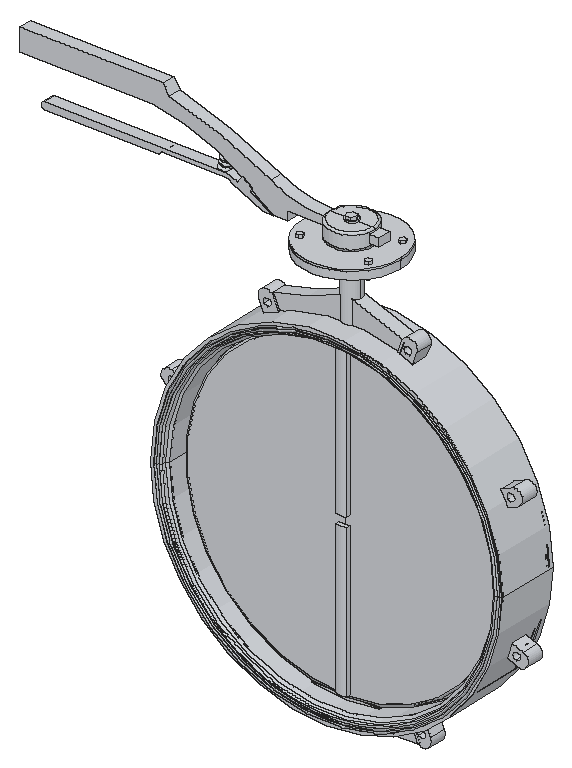
Revit family "R59FLY030", category Plumbing Fixtures, Revit 2015
Reference planes
  plane 1 "Center (Front/Back)": y = 0
  plane 2: z = 0
  plane 3 "Center (Left/Right)": x = 0
  plane 4: z = 312
  plane 5: x = -416
  plane 6: z = 414
  plane 7: z = -230
  plane 8: z = -30
  plane 9: z = 342
  plane 10: z = -30
  plane 11: y = -39.988
  plane 12: y = 39.512
  plane 13: x = -28.994
Forms (mm)
  Extrusion 1, solid
    sketch origin (0, 0, 302) x (1, 0, 0) y (0, 1, 0)
      loop
        circle (0, 0) r 62.5
    from 0 to 10
  Extrusion 2, solid
    sketch origin (0, 45.948, 31.427) x (1, 0, 0) y (0, 0, 1)
      loop
        arc (-96.679, 319.319) -> (-160.037, 348.333) -> (-226.103, 370.497) r 659.286
        line (-226.103, 370.497) -> (-233.075, 382.573) -> (-416, 382.573) -> (-416, 353.639) -> (-247.687, 353.639)
        arc (-247.687, 353.639) -> (-166.02, 330.17) -> (-97.024, 280.573) r 248.649
        line (-97.024, 280.573) -> (-75.568, 280.573) -> (-75.568, 291.199) -> (41.486, 291.199) -> (41.486, 302.179) -> (-30.767, 302.179)
        arc (-30.767, 302.179) -> (-64.704, 306.978) -> (-96.679, 319.319) r 150.722
    from 37.966 to 54.11
  Extrusion 3, solid
    sketch origin (-57.783, 45.948, -38.087) x (1, 0, 0) y (0, 0, 1)
      loop
        line (-96.037, 377.009) -> (-326.453, 377.009)
        arc (-326.453, 377.009) -> (-330.721, 372.741) -> (-326.453, 368.473) r 4.268
        line (-326.453, 368.473) -> (-181.017, 368.473) -> (-177.189, 372.301) -> (-103.305, 372.301)
        arc (-103.305, 372.301) -> (-95.507, 371.471) -> (-88.058, 369.019) r 37.057
        arc (-88.058, 369.019) -> (-68.407, 360.05) -> (-49.241, 350.087) r 421.945
        line (-49.241, 350.087) -> (-34.866, 350.087)
        arc (-34.866, 350.087) -> (-48.985, 359.43) -> (-64, 367.252) r 162.429
        line (-64, 367.252) -> (-63.437, 371.843) -> (-74.98, 380.231) -> (-80.609, 372.485)
        arc (-80.609, 372.485) -> (-88.159, 375.309) -> (-96.037, 377.009) r 55.494
    from 37.966 to 54.11
  Extrusion 4, solid
    sketch origin (0, 0, -76.95) x (1, 0, 0) y (0, 1, 0)
      loop
        circle (0, 0) r 12
    from 295.182 to 378.95
  Revolve 5, solid
    sketch origin (0, 0, 0) x (0, 1, 0) y (0, 0, 1)
      loop
        line (-1.078, -207.408) -> (1.078, -207.408) -> (1.078, -206.473)
        arc (1.078, -206.473) -> (1.953, -205.04) -> (3.478, -204.337) r 2.888
        line (3.478, -204.337) -> (6.599, -204.337)
        arc (6.599, -204.337) -> (9.772, -202.595) -> (11.11, -199.232) r 5.351
        line (11.11, -199.232) -> (11.11, 0) -> (-11.11, 0) -> (-11.11, -201.667)
        arc (-11.11, -201.667) -> (-10.328, -203.555) -> (-8.44, -204.337) r 2.67
        line (-8.44, -204.337) -> (-3.478, -204.337)
        arc (-3.478, -204.337) -> (-1.953, -205.04) -> (-1.078, -206.473) r 2.888
        line (-1.078, -206.473) -> (-1.078, -207.408)
      axis (11.11, 0) -> (-11.11, 0)
    angle from 0 to 360
  Blend 6, solid
    base sketch origin (0, 0, -4.163) x (1, 0, 0) y (0, 1, 0)
      loop
        line (-6.883, 16.4) -> (-6.883, -16.4)
        arc (-6.883, -16.4) -> (0, -18.078) -> (6.883, -16.4) r 14.953
        line (6.883, -16.4) -> (6.883, 16.4)
        arc (6.883, 16.4) -> (0, 18.078) -> (-6.883, 16.4) r 14.953
    top sketch origin (0, 0, 0) x (1, 0, 0) y (0, 1, 0)
      loop
        line (-6.883, 16.4) -> (-6.883, -16.4)
        arc (-6.883, -16.4) -> (0, -18.078) -> (6.883, -16.4) r 14.953
        line (6.883, -16.4) -> (6.883, 16.4)
        arc (6.883, 16.4) -> (0, 18.078) -> (-6.883, 16.4) r 14.953
    from 10.163 to 199.357
  Blend 7, solid
    base sketch origin (0, 0, -38.601) x (0, -1, 0) y (1, 0, 0)
      loop
        line (-16.4, -6.883) -> (16.4, -6.883)
        arc (16.4, -6.883) -> (18.078, 0) -> (16.4, 6.883) r 14.953
        line (16.4, 6.883) -> (-16.4, 6.883)
        arc (-16.4, 6.883) -> (-18.078, 0) -> (-16.4, -6.883) r 14.953
    top sketch origin (0, 0, -35.117) x (0, -1, 0) y (1, 0, 0)
      loop
        line (-16.4, -6.883) -> (16.4, -6.883)
        arc (16.4, -6.883) -> (18.078, 0) -> (16.4, 6.883) r 14.953
        line (16.4, 6.883) -> (-16.4, 6.883)
        arc (-16.4, 6.883) -> (-18.078, 0) -> (-16.4, -6.883) r 14.953
    from -160.162 to 29.117
  Extrusion 8, solid
    sketch origin (-69.627, 0, 145.408) x (0.99863, 0, -0.052336) y (0.052336, 0, 0.99863)
      loop
        line (-18.251, 60.114) -> (-25.459, 74.264)
        arc (-25.459, 74.264) -> (-38.908, 78.635) -> (-43.28, 65.186) r 10
        line (-43.28, 65.186) -> (-36.072, 51.036) -> (-18.251, 60.114)
      loop
        circle (-32.1, 65.269) r 5
    from -10.546 to 10.991
  Extrusion 9, solid
    sketch origin (53.586, 0, 152.052) x (0.669131, 0, -0.743145) y (0.743145, 0, 0.669131)
      loop
        line (-18.251, 60.114) -> (-25.459, 74.264)
        arc (-25.459, 74.264) -> (-38.908, 78.635) -> (-43.28, 65.186) r 10
        line (-43.28, 65.186) -> (-36.072, 51.036) -> (-18.251, 60.114)
      loop
        circle (-32.1, 65.269) r 5
    from -10.546 to 10.991
  Extrusion 10, solid
    sketch origin (145.408, 0, 69.627) x (-0.052336, 0, -0.99863) y (0.99863, 0, -0.052336)
      loop
        line (-18.251, 60.114) -> (-25.459, 74.264)
        arc (-25.459, 74.264) -> (-38.908, 78.635) -> (-43.28, 65.186) r 10
        line (-43.28, 65.186) -> (-36.072, 51.036) -> (-18.251, 60.114)
      loop
        circle (-32.1, 65.269) r 5
    from -10.546 to 10.991
  Extrusion 11, solid
    sketch origin (152.052, 0, -53.586) x (-0.743145, 0, -0.669131) y (0.669131, 0, -0.743145)
      loop
        line (-18.251, 60.114) -> (-25.459, 74.264)
        arc (-25.459, 74.264) -> (-38.908, 78.635) -> (-43.28, 65.186) r 10
        line (-43.28, 65.186) -> (-36.072, 51.036) -> (-18.251, 60.114)
      loop
        circle (-32.1, 65.269) r 5
    from -10.546 to 10.991
  Extrusion 12, solid
    sketch origin (69.627, 0, -145.408) x (-0.99863, 0, 0.052336) y (-0.052336, 0, -0.99863)
      loop
        line (-18.251, 60.114) -> (-25.459, 74.264)
        arc (-25.459, 74.264) -> (-38.908, 78.635) -> (-43.28, 65.186) r 10
        line (-43.28, 65.186) -> (-36.072, 51.036) -> (-18.251, 60.114)
      loop
        circle (-32.1, 65.269) r 5
    from -10.546 to 10.991
  Extrusion 13, solid
    sketch origin (-53.586, 0, -152.052) x (-0.669131, 0, 0.743145) y (-0.743145, 0, -0.669131)
      loop
        line (-18.251, 60.114) -> (-25.459, 74.264)
        arc (-25.459, 74.264) -> (-38.908, 78.635) -> (-43.28, 65.186) r 10
        line (-43.28, 65.186) -> (-36.072, 51.036) -> (-18.251, 60.114)
      loop
        circle (-32.1, 65.269) r 5
    from -10.546 to 10.991
  Extrusion 14, solid
    sketch origin (-145.408, 0, -69.627) x (0.052336, 0, 0.99863) y (-0.99863, 0, 0.052336)
      loop
        line (-18.251, 60.114) -> (-25.459, 74.264)
        arc (-25.459, 74.264) -> (-38.908, 78.635) -> (-43.28, 65.186) r 10
        line (-43.28, 65.186) -> (-36.072, 51.036) -> (-18.251, 60.114)
      loop
        circle (-32.1, 65.269) r 5
    from -10.546 to 10.991
  Extrusion 15, solid
    sketch origin (-152.052, 0, 53.586) x (0.743145, 0, 0.669131) y (-0.669131, 0, 0.743145)
      loop
        line (-18.251, 60.114) -> (-25.459, 74.264)
        arc (-25.459, 74.264) -> (-38.908, 78.635) -> (-43.28, 65.186) r 10
        line (-43.28, 65.186) -> (-36.072, 51.036) -> (-18.251, 60.114)
      loop
        circle (-32.1, 65.269) r 5
    from -10.546 to 10.991
  Extrusion 16, solid
    sketch origin (80.376, -27.447, 314) x (0, -1, 0) y (1, 0, 0)
      loop
        line (3.99, -123.113) -> (0.805, -120.344) -> (-3.184, -121.718) -> (-3.99, -125.86) -> (-0.805, -128.628) -> (3.184, -127.254) -> (3.99, -123.113)
    from 0 to 3
  Extrusion 17, solid
    sketch origin (80.376, -27.447, 294) x (0, -1, 0) y (1, 0, 0)
      loop
        circle (0, -124.486) r 3
    from 2.505 to 20
  Extrusion 18, solid
    sketch origin (80.376, -27.447, 301) x (0, -1, 0) y (1, 0, 0)
      loop
        line (3.99, -123.113) -> (0.805, -120.344) -> (-3.184, -121.718) -> (-3.99, -125.86) -> (-0.805, -128.628) -> (3.184, -127.254) -> (3.99, -123.113)
      loop
        line (-3.444, -125.672) -> (-0.695, -128.061) -> (2.749, -126.876) -> (3.444, -123.301) -> (0.695, -120.911) -> (-2.749, -122.097) -> (-3.444, -125.672)
    from -1.968 to 1
  Extrusion 19, solid, not visible
    sketch origin (26.117, -96.518, 104.233) x (0, -1, 0) y (1, 0, 0)
      loop
        line (3.99, -123.113) -> (0.805, -120.344) -> (-3.184, -121.718) -> (-3.99, -125.86) -> (-0.805, -128.628) -> (3.184, -127.254) -> (3.99, -123.113)
    from 0 to 3
  Extrusion 20, solid, not visible
    sketch origin (26.117, -96.518, 84.233) x (0, -1, 0) y (1, 0, 0)
      loop
        circle (0, -124.486) r 3
    from 2.505 to 20
  Extrusion 21, solid, not visible
    sketch origin (26.117, -96.518, 91.233) x (0, -1, 0) y (1, 0, 0)
      loop
        line (3.99, -123.113) -> (0.805, -120.344) -> (-3.184, -121.718) -> (-3.99, -125.86) -> (-0.805, -128.628) -> (3.184, -127.254) -> (3.99, -123.113)
      loop
        line (-3.444, -125.672) -> (-0.695, -128.061) -> (2.749, -126.876) -> (3.444, -123.301) -> (0.695, -120.911) -> (-2.749, -122.097) -> (-3.444, -125.672)
    from -1.968 to 1
  Extrusion 22, solid
    sketch origin (0, 0, 312) x (1, 0, 0) y (0, 1, 0)
      loop
        circle (0, 0) r 62.5
    from 0 to 2
  Extrusion 23, solid
    sketch origin (80.376, -27.447, 314) x (0, -1, 0) y (1, 0, 0)
      loop
        line (-58.884, -123.113) -> (-58.079, -127.254) -> (-54.09, -128.628) -> (-50.905, -125.86) -> (-51.71, -121.718) -> (-55.7, -120.344) -> (-58.884, -123.113)
    from 0 to 3
  Extrusion 24, solid
    sketch origin (80.376, -27.447, 294) x (0, -1, 0) y (1, 0, 0)
      loop
        circle (-54.895, -124.486) r 3
    from 2.505 to 20
  Extrusion 25, solid
    sketch origin (80.376, -27.447, 301) x (0, -1, 0) y (1, 0, 0)
      loop
        line (-58.884, -123.113) -> (-58.079, -127.254) -> (-54.09, -128.628) -> (-50.905, -125.86) -> (-51.71, -121.718) -> (-55.7, -120.344) -> (-58.884, -123.113)
      loop
        line (-51.451, -125.672) -> (-52.146, -122.097) -> (-55.59, -120.911) -> (-58.339, -123.301) -> (-57.644, -126.876) -> (-54.2, -128.061) -> (-51.451, -125.672)
    from -1.968 to 1
  Extrusion 26, solid
    sketch origin (-81.626, 27.447, 314) x (0, 1, 0) y (-1, 0, 0)
      loop
        line (-58.884, -123.113) -> (-58.079, -127.254) -> (-54.09, -128.628) -> (-50.905, -125.86) -> (-51.71, -121.718) -> (-55.7, -120.344) -> (-58.884, -123.113)
    from 0 to 3
  Extrusion 27, solid
    sketch origin (-81.626, 27.447, 294) x (0, 1, 0) y (-1, 0, 0)
      loop
        circle (-54.895, -124.486) r 3
    from 2.505 to 20
  Extrusion 28, solid
    sketch origin (-81.626, 27.447, 301) x (0, 1, 0) y (-1, 0, 0)
      loop
        line (-58.884, -123.113) -> (-58.079, -127.254) -> (-54.09, -128.628) -> (-50.905, -125.86) -> (-51.71, -121.718) -> (-55.7, -120.344) -> (-58.884, -123.113)
      loop
        line (-51.451, -125.672) -> (-52.146, -122.097) -> (-55.59, -120.911) -> (-58.339, -123.301) -> (-57.644, -126.876) -> (-54.2, -128.061) -> (-51.451, -125.672)
    from -1.968 to 1
  Extrusion 29, solid
    sketch origin (-81.626, 27.447, 314) x (0, 1, 0) y (-1, 0, 0)
      loop
        line (3.99, -123.113) -> (0.805, -120.344) -> (-3.184, -121.718) -> (-3.99, -125.86) -> (-0.805, -128.628) -> (3.184, -127.254) -> (3.99, -123.113)
    from 0 to 3
  Extrusion 30, solid
    sketch origin (-81.626, 27.447, 294) x (0, 1, 0) y (-1, 0, 0)
      loop
        circle (0, -124.486) r 3
    from 2.505 to 20
  Extrusion 31, solid
    sketch origin (-81.626, 27.447, 301) x (0, 1, 0) y (-1, 0, 0)
      loop
        line (3.99, -123.113) -> (0.805, -120.344) -> (-3.184, -121.718) -> (-3.99, -125.86) -> (-0.805, -128.628) -> (3.184, -127.254) -> (3.99, -123.113)
      loop
        line (-3.444, -125.672) -> (-0.695, -128.061) -> (2.749, -126.876) -> (3.444, -123.301) -> (0.695, -120.911) -> (-2.749, -122.097) -> (-3.444, -125.672)
    from -1.968 to 1
  Extrusion 32, solid
    sketch origin (125.063, -27.447, 339.144) x (0, -1, 0) y (1, 0, 0)
      loop
        line (-32.638, -122.069) -> (-32.638, -128.062) -> (-27.447, -131.059) -> (-22.257, -128.062) -> (-22.257, -122.069) -> (-27.447, -119.072) -> (-32.638, -122.069)
    from -1.014 to 2.856
  Extrusion 33, solid
    sketch origin (124.477, -54.895, 334.2) x (0, -1, 0) y (1, 0, 0)
      loop
        circle (-54.895, -124.486) r 8
    from -22.2 to 3.931
  Sweep 34, solid
    path origin (0, 0, 0) x (1, 0, 0) y (0, 0, 1)
      loop
        circle (0, 0) r 224
    profile origin (0, 0, -224) x (0, 0, 1) y (0, -1, 0)
      loop
        line (16.683, -30.07) -> (16.683, 30.695) -> (13.454, 33.924) -> (12.517, 37.421) -> (10.888, 39.763) -> (9.28, 39.763)
        arc (9.28, 39.763) -> (8.267, 40.777) -> (7.253, 39.763) r 1.014
        line (7.253, 39.763) -> (5.98, 39.763)
        arc (5.98, 39.763) -> (4.966, 40.777) -> (3.952, 39.763) r 1.014
        line (3.952, 39.763) -> (0.625, 39.763) -> (0.625, -39.138) -> (3.952, -39.138)
        arc (3.952, -39.138) -> (4.966, -40.152) -> (5.98, -39.138) r 1.014
        line (5.98, -39.138) -> (7.253, -39.138)
        arc (7.253, -39.138) -> (8.267, -40.152) -> (9.28, -39.138) r 1.014
        line (9.28, -39.138) -> (10.888, -39.138) -> (12.517, -36.796) -> (13.454, -33.299) -> (16.683, -30.07)
  Extrusion 35, solid
    sketch origin (0, 0, 161.84) x (1, 0, 0) y (0, 0, 1)
      loop
        line (-88.74, 46.648) -> (68.098, 46.648) -> (75.721, 66.499)
        arc (75.721, 66.499) -> (38.034, 78.159) -> (1.583, 93.246) r 427.316
        line (1.583, 93.246) -> (1.583, 72.112) -> (-1.691, 72.112) -> (-1.691, 93.246)
        arc (-1.691, 93.246) -> (-47.244, 74.772) -> (-94.877, 62.63) r 362.553
        line (-94.877, 62.63) -> (-88.74, 46.648)
    from -7.881 to 9.454
  Extrusion 36, solid
    sketch origin (-2.813, 0.293, -84.932) x (1, 0, 0) y (0, 0, 1)
      loop
        line (99.106, -140.313) -> (88.895, -117.38) -> (-64.482, -117.38) -> (-75.631, -146.415) -> (99.106, -140.313)
    from -9.388 to 9.974
  Revolve 37, solid
    sketch origin (0, 0, 172) x (1, 0, 0) y (0, 0, 1)
      loop
        line (-26.486, 143.746) -> (0, 143.746) -> (0, 165) -> (-26.486, 165)
        arc (-26.486, 165) -> (-28.259, 164.265) -> (-28.994, 162.492) r 2.508
        line (-28.994, 162.492) -> (-28.994, 146.254)
        arc (-28.994, 146.254) -> (-28.259, 144.481) -> (-26.486, 143.746) r 2.508
      axis (0, 143.746) -> (0, 165)
    angle from 0 to 360
  Sweep 38, solid
    path origin (-68.156, 0, 338.496) x (0.978732, 0, -0.205142) y (0, 1, 0)
      loop
        circle (-92.344, 0) r 5
    profile origin (-158.536, 5, 357.439) x (0, -1, 0) y (0.205142, 0, 0.978732)
      loop
        circle (0, 0) r 2
  Sweep 39, solid
    path origin (-69.24, 0, 332.236) x (0.978732, 0, -0.205142) y (0, 1, 0)
      loop
        circle (-92.344, 0) r 5
    profile origin (-159.62, 5, 351.18) x (0, -1, 0) y (0.205142, 0, 0.978732)
      loop
        circle (0, 0) r 2
  Sweep 40, solid
    path origin (-70.258, 0, 326.62) x (0.978732, 0, -0.205142) y (0, 1, 0)
      loop
        circle (-92.344, 0) r 5
    profile origin (-160.638, 5, 345.564) x (0, -1, 0) y (0.205142, 0, 0.978732)
      loop
        circle (0, 0) r 2
  Sweep 41, solid
    path origin (-71.686, 0, 319.994) x (0.978732, 0, -0.205142) y (0, 1, 0)
      loop
        circle (-92.344, 0) r 5
    profile origin (-162.066, 5, 338.938) x (0, -1, 0) y (0.205142, 0, 0.978732)
      loop
        circle (0, 0) r 2
  Sweep 42, solid
    path origin (-0.002, 0, 0) x (1, 0, 0) y (0, 0, 1)
      loop
        circle (0, 0) r 224
    profile origin (-0.002, 0, -224) x (0, 0, 1) y (0, -1, 0)
      loop
        line (0, 39.988) -> (0, -39.512) -> (3.944, -39.512) -> (3.944, 39.988) -> (0, 39.988)
Dimensions and locks
  plane 2 to plane 4 = 312 mm
  plane 3 "Center (Left/Right)" to plane 5 = 416 mm
  level to plane 6 = 414 mm
  plane 7 to level = 230 mm
  locked: plane 4 to plane 9 at 30
  plane 12 to plane 11 = 79.5 mm
  aligned and locked: level to plane 2
